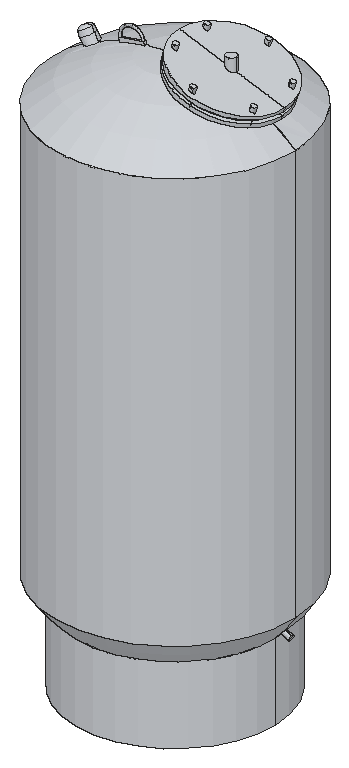
Revit family "NLA-1200", category Mechanical Equipment, Revit 2014
Parameters (values of type "NLA-1200")
  VoidLength = D * 0.25  # 7 1/2"
  URL = "http://westank.com/"
  TankVolume = "264 Gallons"
  SystemConnectionAngle = 50.00°
  PartNumber = "22011200"
  OuterRadius = D / 2  # 15"
  Model = "NLA-1200"
  MaximumOperatingTemperature = "240°F"
  MaximumOperatingPressure = "125 PSIG"
  Manufacturer = "Wessels Company"
  InnerRadius = (D * 0.9844) / 2  # 14.766"
  HandleAngle = 120.00°
  G = 5 1/4"
  F = 3/4"
  DrainAngle = 63.00°
  D = 30"
  CylinderHeight = B * 0.90693  # 78.90291"
  C = 1 1/2"
  BottomOfTheCylinder = 6.11811"
  B = 87"
  ApproximateShipmentWeight = "710 lbs"
  Angle = 45.00°
  A = 36"
Reference planes (in)
  plane 1 "Center (Front/Back)": y = 0
  plane 2: z = 0
  plane 3 "Center (Left/Right)": x = 0
  plane 4: x = -18
  plane 5: x = -3.75
  plane 6: x = 3.75
  plane 7: z = 6.11811
  plane 8: z = -13.90157
  plane 9: z = 45.13551
  plane 10: z = 85.85433
  plane 11: z = 86.64567
  plane 12: y = 1.9685
  plane 13: y = -1.9685
  plane 14: x = 2.1751
  plane 15: x = -2.1751
  plane 16: z = 87
  plane 17: x = 18
  plane 18: z = 62.8728
  plane 19: x = -0.75
  plane 20: x = 0.75
  plane 21: z = 1.94094
  plane 22: x = 5.5
  plane 23: y = 0.15626
  plane 24: y = -0.15626
  plane 25: x = -18
  plane 26: x = 18
  plane 27: x = -15
  plane 28: x = 15
  plane 29: z = 5.25
  plane 30: z = 84.15291
  plane 31: z = 21.21085
  plane 32: y = 0
  plane 33: y = 8.22887
  plane 34: y = -8.22887
  plane 35: through (16.35461, -180, 13.29863) normal (0.454, 0, 0.891)
  plane 36: through (16.01412, -180, 12.63038) normal (0.454, 0, 0.891)
  plane 37: through (1.76879, -180, 82.86757) normal (0.309, 0, 0.9511)
  plane 38: z = 75.70148
  plane 39: z = 75.20148
  plane 40: z = 76.20148
Forms (in)
  Revolve 1, solid
    sketch origin (0, 0, -5.125) x (1, 0, 0) y (0, 0, 1)
      loop
        arc (0, 89.27791) -> (-9.60858, 87.75019) -> (-18, 82.82648) r 26.23926
        line (-18, 82.82648) -> (-18, 20.41457)
        arc (-18, 20.41457) -> (-10.25622, 13.36337) -> (0, 11.24311) r 19.81986
        line (0, 11.24311) -> (0, 89.27791)
      axis (0, 89.27791) -> (0, 11.24311)
    angle from 0 to 360
  Extrusion 2, solid
    sketch origin (0, 0, 0) x (1, 0, 0) y (0, 1, 0)
      loop
        circle (0, 0) r 15
      loop
        circle (0, 0) r 14.766
    from 12.1119 to 0
  Revolve 3, solid
    sketch origin (-9.42695, 0, 76.33906) x (-0.500909, 0, 0.8655) y (-0.8655, 0, -0.500909)
      loop
        line (5.44847, -0.0719) -> (5.44847, -1.16029) -> (6.95487, -1.16029) -> (6.95487, -1.12732) -> (7.76301, -1.12732)
        arc (7.76301, -1.12732) -> (8.10825, -0.65594) -> (8.12516, -0.0719) r 0.9835
        line (8.12516, -0.0719) -> (5.44847, -0.0719)
      axis (5.44847, -0.0719) -> (8.12516, -0.0719)
    angle from 0 to 360
  Sweep 4, solid
    path origin (-5.26748, 0, 78.05229) x (-0.180391, 0, 0.983595) y (-0.983595, 0, -0.180391)
      loop
        arc (6.10198, 1.75) -> (7.85198, 0) -> (6.10198, -1.75) r 1.75
    profile origin (-6.68391, 0, 85.77545) x (-0.180391, 0, 0.983595) y (0, -1, 0)
      loop
        circle (0, 0) r 0.15625
  Extrusion 5, solid
    sketch origin (-4.38807, 0, 73.25726) x (-0.180391, 0, 0.983595) y (-0.983595, 0, -0.180391)
      loop
        line (10.97698, 1.90561) -> (10, 1.90561) -> (10, -1.9095) -> (10.97698, -1.9095) -> (10.97698, 1.90561)
    from 0.15626 to -0.15626
  Revolve 6, solid
    sketch origin (0.22275, 0, 21.09735) x (0.891007, 0, -0.45399) y (0.45399, 0, 0.891007)
      loop
        line (17.91414, 0) -> (19.19446, 0) -> (19.19446, 0.375) -> (17.91414, 0.375) -> (17.91414, 0)
      axis (17.91414, 0) -> (19.19446, 0)
    angle from 0 to 360
  Sweep 7, solid
    path origin (-12.625, 0, 45.13356) x (-1, 0, 0) y (0, 0, -1)
      loop
        arc (6.10198, 1.75) -> (7.85198, 0) -> (6.10198, -1.75) r 1.75
    profile origin (-20.47698, 0, 45.13356) x (-1, 0, 0) y (0, -1, 0)
      loop
        circle (0, 0) r 0.15625
  Extrusion 8, solid
    sketch origin (-7.75, 0, 45.13356) x (-1, 0, 0) y (0, 0, -1)
      loop
        line (10.97698, 1.90561) -> (10, 1.90561) -> (10, -1.9095) -> (10.97698, -1.9095) -> (10.97698, 1.90561)
    from 0.15626 to -0.15626
  Revolve 9, solid
    sketch origin (4.879, 0, 63.04353) x (0.309017, 0, 0.951057) y (-0.951057, 0, 0.309017)
      loop
        line (22.34613, 3.3633) -> (18.60597, 3.3633) -> (18.60597, -2.58912)
        arc (18.60597, -2.58912) -> (19.60234, -2.42084) -> (20.57447, -2.69661) r 2.29607
        line (20.57447, -2.69661) -> (20.57447, -4.87113) -> (21.16502, -4.87113) -> (21.16502, -4.25484) -> (21.75558, -4.25484) -> (21.75558, -4.87113) -> (22.34613, -4.87113) -> (22.34613, 3.3633)
      axis (18.60597, 3.3633) -> (22.34613, 3.3633)
    angle from 0 to 360
  Extrusion 10, solid
    sketch origin (5.57621, -0.21164, 86.3131) x (0.77906, 0.573576, -0.253132) y (-0.545503, 0.819153, 0.177245)
      loop
        circle (-0.99262, 4.47761) r 0.3937
    from 0.59055 to -2.3622
  Extrusion 11, solid
    sketch origin (8.57281, 0, 92.98349) x (1, 0, 0) y (0, 1, 0)
      loop
        circle (-0.14174, 0) r 0.75
    from -5.98349 to -8.83058
  Extrusion 12, solid
    sketch origin (7.00403, 2.70038, 85.84917) x (0.845885, -0.457098, -0.274845) y (0.434726, 0.889416, -0.141251)
      loop
        circle (-0.99262, 4.47761) r 0.3937
    from 0.59055 to -2.3622
  Extrusion 13, solid
    sketch origin (10.1198, 2.73048, 84.8368) x (0.009959, -0.999945, -0.003236) y (0.951004, 0.010472, -0.309)
      loop
        circle (-0.99262, 4.47761) r 0.3937
    from 0.59055 to -2.3622
  Extrusion 14, solid
    sketch origin (11.59827, -0.15345, 84.35641) x (-0.836595, -0.475624, 0.271826) y (0.452346, -0.879648, -0.146976)
      loop
        circle (-0.99262, 4.47761) r 0.3937
    from 0.59055 to -2.3622
  Extrusion 15, solid
    sketch origin (9.8616, -2.87362, 84.92069) x (-0.790313, 0.556295, 0.256788) y (-0.529068, -0.830985, 0.171905)
      loop
        circle (-0.99262, 4.47761) r 0.3937
    from 0.59055 to -2.3622
  Extrusion 16, solid
    sketch origin (6.76319, -2.52699, 85.92742) x (0.099412, 0.994522, -0.032301) y (-0.945847, 0.104528, 0.307324)
      loop
        circle (-0.99262, 4.47761) r 0.3937
    from 0.59055 to -2.3622
  Extrusion 17, solid
    sketch origin (-2.1751, 8.61994, 48) x (0, 1, 0) y (0, 0, 1)
      loop
        circle (-8.61994, 27.70148) r 0.5
    from -16.85912 to -15.51605
Cuts and joins
  joined: Revolve 1, Extrusion 2, Revolve 3, Extrusion 5, Revolve 9, Extrusion 17
Lines and regions (in)
  reference lines
    curve 1: line (0, 0, 62.8728) -> (-5.12652, 0, 67.99932)
    curve 2: line (0, 0, 62.8728) -> (-3.625, 0, 69.15148)
    curve 3: line (0, 0, 21.21085) -> (16.48362, 0, 12.81203)
Dimensions and locks (in)
  equal spacing: plane 6, plane 3 "Center (Left/Right)", plane 5
  "VoidLength": plane 6 to plane 5
  "BottomOfTheCylinder": plane 7 to level
  locked: plane 11 to plane 10 at 0.79134
  equal spacing: plane 15, plane 3 "Center (Left/Right)", plane 14
  equal spacing: plane 12, plane 1 "Center (Front/Back)", plane 13
  "B": plane 16 to level
  equal spacing: plane 17, plane 3 "Center (Left/Right)", plane 4
  "A": plane 17 to plane 4
  "C": plane 20 to plane 19
  equal spacing: plane 20, plane 3 "Center (Left/Right)", plane 19
  locked: plane 16 to plane 11 at 0.35433
  equal spacing: plane 23, curve 2, plane 24
  equal spacing: plane 26, plane 3 "Center (Left/Right)", plane 25
  "A": plane 26 to plane 25
  equal spacing: plane 28, plane 3 "Center (Left/Right)", plane 27
  "D": plane 28 to plane 27
  "G": plane 29 to level
  locked: Revolve 3 sketch curve to Revolve 3 sketch curve at 0.03297
  equal spacing: plane 30, plane 9, plane 7
  equal spacing: plane 33, plane 32, plane 34
  Revolve 6 sketch curve to Revolve 6 sketch curve = 3/8"
  equal spacing: plane 35, curve 3, plane 36
  "F": plane 35 to plane 36
  "CylinderHeight": plane 30 to plane 29
  locked: Revolve 9 sketch curve to Revolve 9 sketch curve at 0.59055  (x3)
  locked: Revolve 9 sketch curve to Revolve 9 sketch curve at 1.9685
  locked: Revolve 1 to plane 38 at 2
  plane 40 to plane 39 = 1"
  "OuterRadius": radius of Extrusion 2 sketch curve
  "InnerRadius": radius of Extrusion 2 sketch curve
  diameter of Extrusion 11 sketch curve = 1 1/2"
  "Angle": angle curve 1 to plane 18
  "HandleAngle": angle plane 18 to curve 2
  "DrainAngle": angle plane 3 "Center (Left/Right)" to curve 3
  aligned and locked: level to plane 2
  aligned and locked: Extrusion 2 to level
  aligned and locked: plane 4 to Revolve 1 sketch curve
  aligned and locked: plane 3 "Center (Left/Right)" to curve 1
  aligned and locked: plane 18 to curve 1
  aligned and locked: Revolve 3 sketch curve to Revolve 3 sketch curve
  aligned and locked: plane 18 to curve 2
  aligned and locked: plane 3 "Center (Left/Right)" to curve 2
  aligned and locked: Extrusion 5 sketch curve to Sweep 4
  aligned and locked: Extrusion 5 to plane 24
  aligned and locked: plane 23 to Extrusion 5
  aligned and locked: plane 31 to curve 3
  aligned and locked: plane 3 "Center (Left/Right)" to curve 3
  aligned and locked: curve 3 to Revolve 6 sketch curve
  aligned and locked: plane 35 to Revolve 6
  aligned and locked: plane 36 to Revolve 6
  aligned and locked: plane 7 to Revolve 1 sketch curve
  aligned and locked: plane 30 to Revolve 1 sketch curve
  aligned and locked: Extrusion 8 sketch curve to Sweep 7
  aligned and locked: Revolve 9 sketch curve to Revolve 9 sketch curve
  aligned and locked: plane 16 to Extrusion 11
Automatic sketch dimensions
  Revolve 1 sketch curve to plane 3 "Center (Left/Right)" = 0"  (x2)
  Revolve 1 sketch curve to plane 7 = 0"
  Revolve 1 sketch curve to plane 19 = 0.50819"
  Revolve 1 sketch curve to plane 19 = 0.00556"
  level to Revolve 1 sketch curve = 15.28957"
  Revolve 1 sketch curve to plane 18 = 4.94827"
  Revolve 1 sketch curve to plane 30 = 1.18638"
  curve 1 to Revolve 3 sketch curve = 14.82063"
  Revolve 3 sketch curve to Revolve 3 sketch curve = 1.5064"
  Revolve 3 sketch curve to Revolve 3 sketch curve = 0"
  Revolve 3 sketch curve to Revolve 3 sketch curve = 0.22312"
  Revolve 3 sketch curve to Revolve 3 sketch curve = 0.80814"
  Revolve 3 sketch curve to Revolve 3 sketch curve = 0.94717"
  Revolve 3 sketch curve to curve 1 = 1.61572"
  Revolve 3 sketch curve to Revolve 3 sketch curve = 0.79058"
  curve 1 to Revolve 3 sketch curve = 9.37216"
  Revolve 3 sketch curve to Revolve 3 sketch curve = 0.07201"
  curve 2 to Sweep 4 sketch curve = 15.15305"
  curve 2 to Sweep 4 sketch curve = 0.0099"
  Sweep 4 sketch curve to Sweep 4 sketch curve = 1 3/4"
  Sweep 4 sketch curve to profile plane = 0"
  profile plane to Sweep 4 sketch curve = 0"
  Extrusion 5 sketch curve to Extrusion 5 sketch curve = 0.97698"
  Extrusion 5 sketch curve to curve 2 = 1.8996"
  Extrusion 5 sketch curve to Extrusion 5 sketch curve = 3.81511"
  curve 3 to Revolve 6 sketch curve = 0"
  Revolve 6 sketch curve to curve 3 = 0.33586"
  curve 3 to Revolve 6 sketch curve = 0.94446"
  curve 3 to Revolve 6 sketch curve = 1/4"  (x2)
  curve 2 to Sweep 7 sketch curve = 18.72698"
  curve 2 to Sweep 7 sketch curve = 17.73924"
  Sweep 7 sketch curve to Sweep 7 sketch curve = 1 3/4"
  Sweep 7 sketch curve to profile plane = 0"
  profile plane to Sweep 7 sketch curve = 0"
  Extrusion 8 sketch curve to Extrusion 8 sketch curve = 0.97698"
  curve 2 to Extrusion 8 sketch curve = 15.82974"
  Extrusion 8 sketch curve to Extrusion 8 sketch curve = 3.81511"
  plane 37 to Revolve 9 sketch curve = 0.71329"
  plane 37 to Revolve 9 sketch curve = 1.58448"
  plane 28 to Revolve 9 sketch curve = 0.86958"
  Revolve 9 sketch curve to Revolve 9 sketch curve = 0.15763"
  Revolve 9 sketch curve to Revolve 9 sketch curve = 0.61629"
  Revolve 9 sketch curve to Revolve 9 sketch curve = 1.55823"
  Revolve 9 sketch curve to Revolve 9 sketch curve = 6.0599"
  Revolve 9 sketch curve to Revolve 9 sketch curve = 8.34842"
  Revolve 9 sketch curve to Revolve 9 sketch curve = 0.08857"
  Revolve 9 sketch curve to Revolve 9 sketch curve = 0"
  plane 1 "Center (Front/Back)" to Extrusion 11 sketch curve = 0"
  Extrusion 11 sketch curve to plane 22 = 2.93107"
  Extrusion 17 sketch curve to plane 1 "Center (Front/Back)" = 0"
  plane 38 to Extrusion 17 sketch curve = 0"
  Extrusion 2 sketch curve to Extrusion 2 sketch curve = 0"  (x2)
  plane 1 "Center (Front/Back)" to Extrusion 2 sketch curve = 0"
  Extrusion 2 sketch curve to plane 3 "Center (Left/Right)" = 0"
  radius of Sweep 4 sketch curve = 5/32"
  radius of Sweep 7 sketch curve = 5/32"
  radius of Extrusion 10 sketch curve = 0.3937"
  radius of Extrusion 12 sketch curve = 0.3937"
  radius of Extrusion 13 sketch curve = 0.3937"
  radius of Extrusion 14 sketch curve = 0.3937"
  radius of Extrusion 15 sketch curve = 0.3937"
  radius of Extrusion 16 sketch curve = 0.3937"
  radius of Extrusion 17 sketch curve = 1/2"
Connectors (in)
  piping at (8.43107, 0, 87), diameter 1.5, driven by "C"
    settings: on Extrusion 11, index 1, connector inside diameter 24", connector length 0", flow factor 0, pipe flow 0 GPM, pressure drop 0.00 psi, fitting loss kfactor 0, connector angle 0.00°, fixture units 0, engagement length 0", angle of deflection 0.00°, flow configuration 0, flow direction 0, fitting loss method 0, system type 7, joint type 0, gender type 0, connector reference index -1, connector utility 0, adjustable connector no, is connector primary yes, connector description ""
  piping at (17.32514, 0, 12.38325), diameter 0.75, driven by "F"
    settings: on Revolve 6, index 2, connector inside diameter 24", connector length 0", flow factor 0, pipe flow 0 GPM, pressure drop 0.00 psi, fitting loss kfactor 0, connector angle 0.00°, fixture units 0, engagement length 0", angle of deflection 0.00°, flow configuration 0, flow direction 0, fitting loss method 0, system type 7, joint type 0, gender type 0, connector reference index -1, connector utility 0, adjustable connector no, is connector primary no, connector description ""
